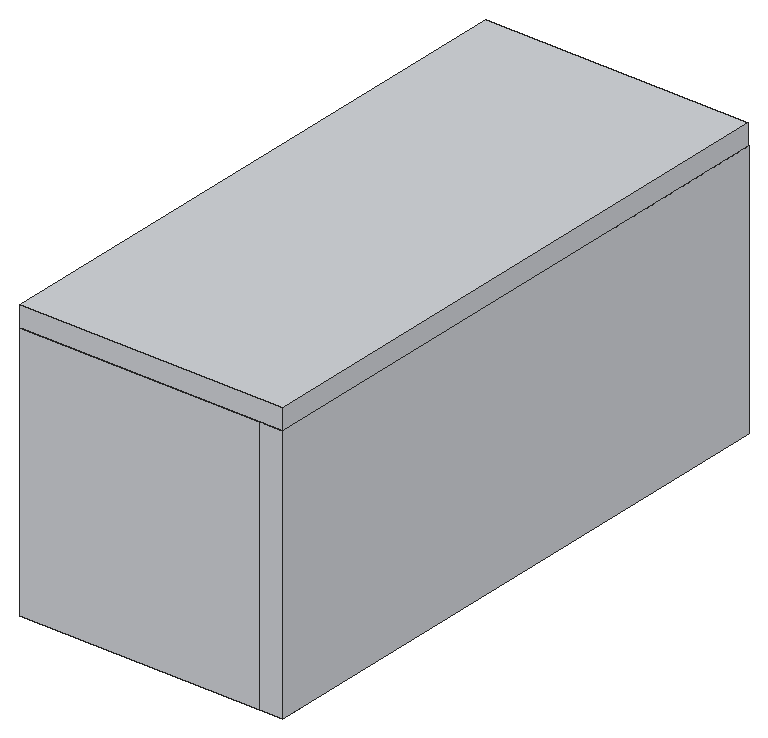
Revit family
Parameters
  Lumens = 1800 lm
Reference planes (in)
  plane 1 "Light Source Axis (F/B)": y = 0
  plane 2: z = 0
  plane 3 "Light Source Axis (L/R)": x = 0
  plane 4 "Light Source Elevation": z = 54
Forms (in)
  Extrusion 1, solid
    sketch origin (0, 0, 0) x (1, 0, 0) y (0, 1, 0)
      loop
        line (-15.03259, -27.28196) -> (18.96741, -27.28196) -> (18.96741, 48) -> (-15.03259, 48) -> (-15.03259, -27.28196)
    from 33.4038 to 36
  Extrusion 2, solid
    sketch origin (-0.625, 0, 0) x (1, 0, 0) y (0, 0, 1)
      loop
        line (19.59385, 0) -> (19.59385, 33.4038) -> (16.59385, 33.4038) -> (16.59385, 0) -> (19.59385, 0)
    from -48 to 27.28196
  Extrusion 3, solid
    sketch origin (0, 0, 0) x (1, 0, 0) y (0, 1, 0)
      loop
        line (-15.03259, -27.28196) -> (18.96741, -27.28196) -> (18.96741, -24.09352) -> (-15.03259, -24.09352) -> (-15.03259, -27.28196)
    from 0 to 33.4038
  Extrusion 4, solid
    sketch origin (0, 72.09282, 0) x (1, 0, 0) y (0, 1, 0)
      loop
        line (-15.03259, -27.28196) -> (18.96741, -27.28196) -> (18.96741, -24.09352) -> (-15.03259, -24.09352) -> (-15.03259, -27.28196)
    from 0 to 33.4038
  Extrusion 5, solid
    sketch origin (0, 0, 0) x (1, 0, 0) y (0, 1, 0)
      loop
        line (-14.53115, 44.81086) -> (-14.53115, -24.09352) -> (15.96885, -24.09352) -> (15.96885, 44.81086) -> (-14.53115, 44.81086)
    from 28.66664 to 33.4038
  Extrusion 6, solid
    sketch origin (0, 0, 0) x (0, 1, 0) y (0, 0, 1)
      loop
        line (44.08466, 33.06623) -> (26.58466, 33.06623) -> (26.58466, 29.06623) -> (44.08466, 29.06623) -> (44.08466, 33.06623)
    from -14.72473 to -14.25446
  Extrusion 7, solid
    sketch origin (0, 0, 0) x (0, 1, 0) y (0, 0, 1)
      loop
        line (43.40285, 32.55487) -> (27.33466, 32.55487) -> (27.33466, 29.56623) -> (43.40285, 29.56623) -> (43.40285, 32.55487)
    from -15.03259 to -14.25446
  Extrusion 8, solid
    sketch origin (0, 0, 0) x (0, 1, 0) y (0, 0, 1)
      loop
        circle (35.61148, 31.07657) r 0.5
    from -15.03259 to -14.53115
  Extrusion 9, solid
    sketch origin (0, -49.92818, 0) x (0, 1, 0) y (0, 0, 1)
      loop
        line (44.08466, 33.06623) -> (26.58466, 33.06623) -> (26.58466, 29.06623) -> (44.08466, 29.06623) -> (44.08466, 33.06623)
    from -14.72473 to -14.25446
  Extrusion 10, solid
    sketch origin (0, -49.92818, 0) x (0, 1, 0) y (0, 0, 1)
      loop
        line (43.40285, 32.55487) -> (27.33466, 32.55487) -> (27.33466, 29.56623) -> (43.40285, 29.56623) -> (43.40285, 32.55487)
    from -15.03259 to -14.25446
  Extrusion 11, solid
    sketch origin (0, -50.17818, 0) x (0, 1, 0) y (0, 0, 1)
      loop
        circle (35.61148, 31.07657) r 0.5
    from -15.03259 to -14.53115
  Extrusion 12, solid
    sketch origin (0, -19.1897, 0.05117) x (0, 1, 0) y (0, 0, 1)
      loop
        line (44.08466, 33.06623) -> (31.40285, 33.06623) -> (31.40285, 29.06623) -> (44.08466, 29.06623) -> (44.08466, 33.06623)
    from -14.72473 to -14.25446
  Extrusion 13, solid
    sketch origin (0, -19.1897, 0.05117) x (0, 1, 0) y (0, 0, 1)
      loop
        line (43.40285, 32.55487) -> (32.33466, 32.55487) -> (32.33466, 29.56623) -> (43.40285, 29.56623) -> (43.40285, 32.55487)
    from -15.03259 to -14.25446
  Extrusion 14, solid
    sketch origin (0, -17.1897, 0.05117) x (0, 1, 0) y (0, 0, 1)
      loop
        circle (35.61148, 31.07657) r 0.5
    from -15.03259 to -14.53115
  Extrusion 15, solid
    sketch origin (0, -35.1897, 0.05117) x (0, 1, 0) y (0, 0, 1)
      loop
        line (44.08466, 33.06623) -> (31.40285, 33.06623) -> (31.40285, 29.06623) -> (44.08466, 29.06623) -> (44.08466, 33.06623)
    from -14.72473 to -14.25446
  Extrusion 16, solid
    sketch origin (0, -35.1897, 0.05117) x (0, 1, 0) y (0, 0, 1)
      loop
        line (43.40285, 32.55487) -> (32.33466, 32.55487) -> (32.33466, 29.56623) -> (43.40285, 29.56623) -> (43.40285, 32.55487)
    from -15.03259 to -14.25446
  Extrusion 17, solid
    sketch origin (0, -33.1897, 0.05117) x (0, 1, 0) y (0, 0, 1)
      loop
        circle (35.61148, 31.07657) r 0.5
    from -15.03259 to -14.53115
  Extrusion 18, solid
    sketch origin (0, 0, 0) x (1, 0, 0) y (0, 1, 0)
      loop
        line (-12.96027, -24.09352) -> (15.96885, -24.09352) -> (15.96885, -5.57236) -> (-12.96027, -5.57236) -> (-12.96027, -24.09352)
    from 2.19718 to 28.66664
  Extrusion 19, solid
    sketch origin (0, -50.17818, -25.5) x (0, 1, 0) y (0, 0, 1)
      loop
        line (44.08466, 42.20371) -> (26.58466, 42.20371) -> (26.58466, 29.06623) -> (44.08466, 29.06623) -> (44.08466, 42.20371)
    from -13.31096 to -12.35737
  Extrusion 20, solid
    sketch origin (0, -50.17818, -25.5) x (0, 1, 0) y (0, 0, 1)
      loop
        line (43.40285, 41.64671) -> (27.33466, 41.64671) -> (27.33466, 29.56623) -> (43.40285, 29.56623) -> (43.40285, 41.64671)
    from -13.58712 to -12.35737
  Extrusion 21, solid
    sketch origin (0, -50.42818, -20.75) x (0, 1, 0) y (0, 0, 1)
      loop
        circle (35.61148, 31.07657) r 0.5
    from -13.76266 to -12.35737
  Extrusion 22, solid
    sketch origin (0, -50.17818, -9) x (0, 1, 0) y (0, 0, 1)
      loop
        line (44.08466, 36.43437) -> (26.58466, 36.43437) -> (26.58466, 29.06623) -> (44.08466, 29.06623) -> (44.08466, 36.43437)
    from -13.31096 to -12.35737
  Extrusion 23, solid
    sketch origin (0, -50.17818, -9) x (0, 1, 0) y (0, 0, 1)
      loop
        line (43.40285, 35.9159) -> (27.33466, 35.9159) -> (27.33466, 29.56623) -> (43.40285, 29.56623) -> (43.40285, 35.9159)
    from -13.54282 to -12.96027
  Extrusion 24, solid
    sketch origin (0, -50.42818, -7.6875) x (0, 1, 0) y (0, 0, 1)
      loop
        circle (35.61148, 31.07657) r 0.5
    from -13.7397 to -13.31096
  Extrusion 25, solid
    sketch origin (0, 50.5, 0) x (1, 0, 0) y (0, 1, 0)
      loop
        line (-12.96027, -22.17101) -> (15.96885, -22.17101) -> (15.96885, -5.57236) -> (-12.96027, -5.57236) -> (-12.96027, -22.17101)
    from 2.19718 to 28.66664
  Extrusion 26, solid
    sketch origin (0, 0.32182, -25.5) x (0, 1, 0) y (0, 0, 1)
      loop
        line (44.08466, 42.20371) -> (28.65285, 42.20371) -> (28.65285, 29.06623) -> (44.08466, 29.06623) -> (44.08466, 42.20371)
    from -13.31096 to -12.35737
  Extrusion 27, solid
    sketch origin (0, 0.32182, -25.5) x (0, 1, 0) y (0, 0, 1)
      loop
        line (43.40285, 41.64671) -> (29.33466, 41.64671) -> (29.33466, 29.56623) -> (43.40285, 29.56623) -> (43.40285, 41.64671)
    from -13.58712 to -12.35737
  Extrusion 28, solid
    sketch origin (0, 1.57182, -20.75) x (0, 1, 0) y (0, 0, 1)
      loop
        circle (35.61148, 31.07657) r 0.5
    from -13.76266 to -12.35737
  Extrusion 29, solid
    sketch origin (0, 0.32182, -9) x (0, 1, 0) y (0, 0, 1)
      loop
        line (44.08466, 36.43437) -> (28.65285, 36.43437) -> (28.65285, 29.06623) -> (44.08466, 29.06623) -> (44.08466, 36.43437)
    from -13.31096 to -12.35737
  Extrusion 30, solid
    sketch origin (0, 0.32182, -9) x (0, 1, 0) y (0, 0, 1)
      loop
        line (43.40285, 35.9159) -> (29.33466, 35.9159) -> (29.33466, 29.56623) -> (43.40285, 29.56623) -> (43.40285, 35.9159)
    from -13.54282 to -12.96027
  Extrusion 31, solid
    sketch origin (0, 1.57182, -7.6875) x (0, 1, 0) y (0, 0, 1)
      loop
        circle (35.61148, 31.07657) r 0.5
    from -13.7397 to -13.31096
